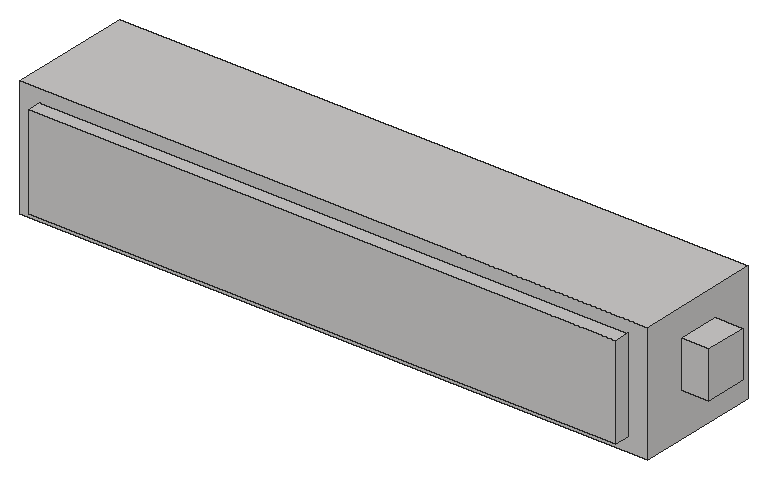
Revit family "Indoor_Unit-VRF-Adapter-JCI-EconoFresh_Kit", category Mechanical Equipment, Revit 2014
Parameters (values of type "55 1/2 x 10 x 12 3/16")
  Width = 55 1/2"
  Voltage = 208 V
  URL = "http://www.johnsoncontrols.com"
  Type Comments = "EconoFresh"
  Total Static Pressure = 0.00 in-wg
  Supply Air Flow [instance] = 0 CFM
  Supply Air Connection Width = 49 9/16"
  Supply Air Connection Height = 7 27/32"
  Sound Pressure Level = "0 db"
  Return Outdoor Air Flow [instance] = 0 CFM
  Return Indoor Air Flow [instance] = 0 CFM
  Return Air Outdoor Connection Width = 18 1/4"
  Return Air Indoor Connection Width = 27 3/8"
  Return Air Connection Height = 8 9/16"
  Refrigerant Used = "R410A"  # constant formula
  Product Page URL = "http://www.johnsoncontrols.com/content/us/en/products/building_efficiency/products-and-systems/integrated_hvac_systems/Industrial___Commercial_HVAC_Equipment/Variable_Refrigerant_Flow_Systems_.html"
  Product Documentation Link = "http://www.johnsoncontrols.com/~/media/jci/be/united-states/hvac-equipment/variable-refrigerant-flow/files/2016-york-vrf-catalog_050216-final-v5-digital-single-pgs.pdf"
  Power Factor = 1
  Pipe Right Offset Liquid = 3 5/8"
  Pipe Right Offset Gas = 2 1/4"
  Pipe Right Offset Drain = 3 17/32"
  Pipe Height Inset Liquid = 5 3/8"
  Pipe Height Inset Gas = 7 3/4"
  Pipe Height Inset Drain = 6 9/16"
  Pipe Front Inset Liquid = 3.40247"
  Pipe Front Inset Gas = 3.40247"
  Pipe Front Inset Drain = 9.78512"
  Phase = 1
  Nominal Heating Capacity = 0.0 Btu/h
  Nominal Cooling Capacity = 0.0 Btu/h
  Net Weight = 28.00 lbf
  Model = "EF-456NE"
  Minimum Circuit Ampacity = 0 A
  Manufacturer = "Johnson Controls Inc."  # constant formula
  Liquid Line Radius = 3/16"
  Height = 10"
  Heating Nominal Input Power = 0 W
  Gas Line Radius = 5/16"
  Full Load Current = 0 A
  Frequency = 60 Hz  # constant formula
  Frame Finish = Metal - JCI - Steel - Galvanized - 18ga
  Drain Pipe Radius = 5/8"
  Description = "VRF Adaptable EconoFresh Kit"  # constant formula
  Depth = 12 3/16"
  Copyright © = "2016 Johnson Controls Inc."  # constant formula
  Cooling Nominal Input Power = 0 W
  CTRL Frame Thickness Bottom = 1 29/256"
  Apparent Load = 0 VA
  Air Flow Rate = 0 CFM
Reference planes (in)
  plane 1 "Center (Front/Back)": y = 0
  plane 2: z = 0
  plane 3 "Center (Left/Right)": x = 0
  plane 4 "Back": y = 5.46875
  plane 5 "Front": y = -5.46875
  plane 6 "Left": x = -27.75
  plane 7 "Right": x = 27.75
  plane 8 "Bottom": z = 0
  plane 9 "Top": z = 10
  plane 10 "Electric Box Back": y = 1.54093
  plane 11 "Return Air Bottom": z = 0.6875
  plane 12 "Return Air Top": z = 9.25
  plane 13 "Supply Air Left": x = -24.78125
  plane 14 "Supply Air Right": x = 24.78125
  plane 15 "Supply Air Bottom": z = 1.11328
  plane 16 "Supply Air Top": z = 8.95703
  plane 17 "Return Air Left OD": x = -24.78125
  plane 18 "Return Air Right OD": x = -6.53125
  plane 19 "Electric Box Right": x = 28.90877
  plane 20 "Electric Box Front": y = -1.99893
  plane 21 "Back Inset": y = 5.08079
  plane 22 "Electric Box Top": z = 7.69527
  plane 23 "Electrical Box Bottom": z = 3.78906
  plane 24 "Economizer Back": y = 18.0401
  plane 25 "Front Offset": y = -6.71875
  plane 26 "Left Inset": x = -26.5
  plane 27 "Right Inset": x = 26.5
  plane 28 "Return Air Left ID": x = -2.59375
  plane 29 "Return Air Right ID": x = 24.78125
  plane 30 "Back Offset": y = 5.84375
Forms (in)
  Extrusion 1, solid, material "Metal - JCI - Steel - Galvanized - 18ga" <- "Frame Finish"
    sketch origin (0, 11.99045, -25.64456) x (1, 0, 0) y (0, 0, 1)
      loop
        line (-26.5, 35.64456) -> (-26.5, 25.64456) -> (26.5, 25.64456) -> (26.5, 35.64456) -> (-26.5, 35.64456)
    from 6.90966 to 17.4592
  Extrusion 2, solid, material "Metal - JCI - Steel - Galvanized - 18ga" <- "Frame Finish"
    sketch origin (0, 0, 5.375) x (-1, 0, 0) y (0, -1, 0)
      loop
        line (-26.5, -1.54093) -> (-26.5, 1.99893) -> (-28.90877, 1.99893) -> (-28.90877, -1.54093) -> (-26.5, -1.54093)
    from -1.58594 to 2.32027
  Extrusion 3, solid, material "Metal - JCI - Steel - Galvanized - 18ga" <- "Frame Finish"
    sketch origin (0, 11.99045, -42.64456) x (1, 0, 0) y (0, 0, 1)
      loop
        line (-24.78125, 51.60159) -> (-24.78125, 43.75784) -> (24.78125, 43.75784) -> (24.78125, 51.60159) -> (-24.78125, 51.60159)
    from 17.4592 to 18.7092
  Extrusion 4, solid, material "Metal - JCI - Steel - Galvanized - 18ga" <- "Frame Finish"
    sketch origin (0, -16.04521, -42.64456) x (1, 0, 0) y (0, 0, -1)
      loop
        line (-24.78125, -51.89456) -> (-6.53125, -51.89456) -> (-6.53125, -43.33206) -> (-24.78125, -43.33206) -> (-24.78125, -51.89456)
    from 21.12601 to 21.88896
  Extrusion 5, solid, material "Metal - JCI - Steel - Galvanized - 18ga" <- "Frame Finish"
    sketch origin (28.6773, -16.04521, -42.64456) x (1, 0, 0) y (0, 0, -1)
      loop
        line (-31.27105, -51.89456) -> (-3.89605, -51.89456) -> (-3.89605, -43.33206) -> (-31.27105, -43.33206) -> (-31.27105, -51.89456)
    from 21.12601 to 21.88896
Lines and regions (in)
  Masking region 1
    outline origin (0, 0, 5.375) x (-1, 0, 0) y (0, -1, 0)
      loop
        line (26.5, -5.08079) -> (26.5, 5.46875) -> (-26.5, 5.46875) -> (-26.5, -5.08079) -> (26.5, -5.08079)
  Split face 1
    outline origin (0, -5.46875, -25.64456) x (1, 0, 0) y (0, 0, 1)
      loop
        line (-24.78125, 34.60159) -> (-24.78125, 26.75784) -> (24.78125, 26.75784) -> (24.78125, 34.60159) -> (-24.78125, 34.60159)
  Split face 2
    outline origin (0, 5.08079, -25.64456) x (1, 0, 0) y (0, 0, 1)
      loop
        line (-6.53125, 34.89456) -> (-24.78125, 34.89456) -> (-24.78125, 26.33206) -> (-6.53125, 26.33206) -> (-6.53125, 34.89456)
  Masking region 2
    outline origin (8.5, -5.25, 5.375) x (-1, 0, 0) y (0, -1, 0)
      loop
        line (-18, -6.79093) -> (-18, -3.25107) -> (-20.40877, -3.25107) -> (-20.40877, -6.79093) -> (-18, -6.79093)
  Masking region 3
    outline origin (8, -27, 5.375) x (-1, 0, 0) y (0, -1, 0)
      loop
        line (32.78125, -21.53125) -> (32.78125, -20.28125) -> (-16.78125, -20.28125) -> (-16.78125, -21.53125) -> (32.78125, -21.53125)
  Masking region 4
    outline origin (8, 22.94524, 5.375) x (0, 1, 0) y (-1, 0, 0)
      loop
        line (-17.86445, 32.78125) -> (-17.86445, 10.25) -> (-17.10149, 10.25) -> (-17.10149, 32.78125) -> (-17.86445, 32.78125)
  Masking region 5
    outline origin (36.6773, 22.94524, 5.375) x (0, 1, 0) y (-1, 0, 0)
      loop
        line (-17.86445, 39.27105) -> (-17.86445, 11.89605) -> (-17.10149, 11.89605) -> (-17.10149, 39.27105) -> (-17.86445, 39.27105)
Dimensions and locks (in)
  "Width": plane 6 "Left" to plane 7 "Right"
  "Depth": plane 4 "Back" to plane 25 "Front Offset"
  "Height": plane 9 "Top" to plane 8 "Bottom"
  equal spacing: plane 5 "Front", plane 1 "Center (Front/Back)", plane 4 "Back"
  equal spacing: plane 6 "Left", plane 3 "Center (Left/Right)", plane 7 "Right"
  "CTRL Frame Thickness Bottom": plane 15 "Supply Air Bottom" to plane 8 "Bottom"
  plane 6 "Left" to plane 13 "Supply Air Left" = 2 31/32"
  "Supply Air Connection Height": plane 16 "Supply Air Top" to plane 15 "Supply Air Bottom"
  "Supply Air Connection Width": plane 13 "Supply Air Left" to plane 14 "Supply Air Right"
  plane 6 "Left" to plane 17 "Return Air Left OD" = 2 31/32"
  "Return Air Outdoor Connection Width": plane 18 "Return Air Right OD" to plane 17 "Return Air Left OD"
  locked: plane 11 "Return Air Bottom" to plane 8 "Bottom" at 0.6875
  "Return Air Connection Height": plane 12 "Return Air Top" to plane 11 "Return Air Bottom"
  locked: plane 7 "Right" to plane 19 "Electric Box Right" at 1.15877
  plane 20 "Electric Box Front" to plane 10 "Electric Box Back" = 3.53986"
  plane 4 "Back" to plane 10 "Electric Box Back" = 3.92782"
  locked: plane 4 "Back" to plane 21 "Back Inset" at 0.38796
  locked: plane 9 "Top" to plane 22 "Electric Box Top" at 2.30473
  locked: plane 23 "Electrical Box Bottom" to plane 8 "Bottom" at 3.78906
  locked: plane 24 "Economizer Back" to plane 4 "Back" at 12.57135
  locked: plane 25 "Front Offset" to plane 5 "Front" at 1.25
  plane 6 "Left" to plane 26 "Left Inset" = 1 1/4"
  locked: plane 27 "Right Inset" to plane 7 "Right" at 1.25
  "Return Air Indoor Connection Width": plane 29 "Return Air Right ID" to plane 28 "Return Air Left ID"
  locked: plane 18 "Return Air Right OD" to plane 28 "Return Air Left ID" at 3.9375
  locked: plane 30 "Back Offset" to plane 4 "Back" at 0.375
  aligned and locked: level to plane 2
  aligned and locked: Extrusion 1 sketch curve to plane 9 "Top"
  aligned and locked: plane 8 "Bottom" to Extrusion 1 sketch curve
  aligned and locked: plane 5 "Front" to Extrusion 1
  aligned and locked: Split face 1 sketch curve to plane 16 "Supply Air Top"
  aligned and locked: Split face 1 sketch curve to plane 14 "Supply Air Right"
  aligned and locked: plane 15 "Supply Air Bottom" to Split face 1 sketch curve
  aligned and locked: Split face 1 sketch curve to plane 13 "Supply Air Left"
  aligned and locked: plane 12 "Return Air Top" to Split face 2 sketch curve
  aligned and locked: plane 17 "Return Air Left OD" to Split face 2 sketch curve
  aligned and locked: Split face 2 sketch curve to plane 11 "Return Air Bottom"
  aligned and locked: plane 18 "Return Air Right OD" to Split face 2 sketch curve
  aligned and locked: plane 10 "Electric Box Back" to Extrusion 2 sketch curve
  aligned and locked: Extrusion 2 sketch curve to plane 20 "Electric Box Front"
  aligned and locked: plane 19 "Electric Box Right" to Extrusion 2 sketch curve
  aligned and locked: plane 10 "Electric Box Back" to Masking region 2 sketch curve
  aligned and locked: Masking region 2 sketch curve to plane 20 "Electric Box Front"
  aligned and locked: plane 19 "Electric Box Right" to Masking region 2 sketch curve
  aligned and locked: Masking region 1 sketch curve to plane 21 "Back Inset"
  aligned and locked: plane 21 "Back Inset" to Extrusion 1
  aligned and locked: plane 22 "Electric Box Top" to Extrusion 2
  aligned and locked: Extrusion 2 to plane 23 "Electrical Box Bottom"
  aligned and locked: Extrusion 3 sketch curve to plane 13 "Supply Air Left"
  aligned and locked: Extrusion 3 sketch curve to plane 16 "Supply Air Top"
  aligned and locked: Extrusion 3 sketch curve to plane 14 "Supply Air Right"
  aligned and locked: Extrusion 3 to plane 5 "Front"
  aligned and locked: plane 25 "Front Offset" to Extrusion 3
  aligned and locked: plane 5 "Front" to Masking region 3 sketch curve
  aligned and locked: Masking region 3 sketch curve to plane 13 "Supply Air Left"
  aligned and locked: Masking region 3 sketch curve to plane 25 "Front Offset"
  aligned and locked: Masking region 3 sketch curve to plane 14 "Supply Air Right"
  aligned and locked: Masking region 4 sketch curve to plane 21 "Back Inset"
  aligned and locked: Extrusion 4 to plane 21 "Back Inset"
  aligned and locked: plane 11 "Return Air Bottom" to Extrusion 4 sketch curve
  aligned and locked: Extrusion 4 sketch curve to plane 18 "Return Air Right OD"
  aligned and locked: Extrusion 4 sketch curve to plane 17 "Return Air Left OD"
  aligned and locked: Extrusion 4 sketch curve to plane 12 "Return Air Top"
  aligned and locked: plane 15 "Supply Air Bottom" to Extrusion 3 sketch curve
  aligned and locked: Masking region 1 sketch curve to plane 26 "Left Inset"
  aligned and locked: Masking region 1 sketch curve to plane 27 "Right Inset"
  aligned and locked: Extrusion 1 sketch curve to plane 26 "Left Inset"
  aligned and locked: Extrusion 1 sketch curve to plane 27 "Right Inset"
  aligned and locked: plane 27 "Right Inset" to Masking region 2 sketch curve
  aligned and locked: plane 27 "Right Inset" to Extrusion 2 sketch curve
  aligned and locked: Extrusion 5 sketch curve to plane 29 "Return Air Right ID"
  aligned and locked: Extrusion 5 sketch curve to plane 28 "Return Air Left ID"
  aligned and locked: plane 28 "Return Air Left ID" to Masking region 5 sketch curve
  aligned and locked: plane 29 "Return Air Right ID" to Masking region 5 sketch curve
  aligned and locked: Extrusion 5 sketch curve to plane 12 "Return Air Top"
  aligned and locked: plane 11 "Return Air Bottom" to Extrusion 5 sketch curve
  aligned and locked: Extrusion 5 to plane 21 "Back Inset"
  aligned and locked: Masking region 5 sketch curve to plane 21 "Back Inset"
  aligned and locked: plane 17 "Return Air Left OD" to Masking region 4 sketch curve
  aligned and locked: plane 30 "Back Offset" to Masking region 4 sketch curve
  aligned and locked: plane 30 "Back Offset" to Extrusion 4
  aligned and locked: plane 30 "Back Offset" to Masking region 5 sketch curve
  aligned and locked: plane 30 "Back Offset" to Extrusion 5
Automatic sketch dimensions
  plane 5 "Front" to Masking region 1 sketch curve = 0"
  plane 18 "Return Air Right OD" to Masking region 4 sketch curve = 4 9/32"
Connectors (in)
  hvac at (0, -5.46875, 5.03516), driven by "Supply Air Connection Height", driven by "Supply Air Connection Width", driven by "Supply Air Flow"
    settings: on Extrusion 1, index 5, duct flow 0 CFM, flow factor 0, pres drop 0.00 in-wg, loss coef 0, conn angle 0.00°, conn width 49 9/16", conn height 7 27/32", conn diameter 24", duct sys type 1, conn prof type 1, flow config 0, flow direction 2, loss method 0, conn ref index -1, conn util no, is conn primary yes, conn desc "Supply Air Connection"
  electrical at (28.90877, -0.229, 5.74217), driven by "Voltage", driven by "Apparent Load", driven by "Power Factor"
    settings: on Extrusion 2, index 7, voltage 208 V, apparent load 0 VA, apparent load phase1 0 VA, apparent load phase2 0 VA, apparent load phase3 0 VA, power factor 1, load classification "HVAC", number of poles 1, system type 30, power factor state 1, is connector primary yes, connector utility no, sub classification motor no, connector description "Power Supply"
  hvac at (11.09375, 5.84375, 4.96875), driven by "Return Air Connection Height", driven by "Return Air Indoor Connection Width", driven by "Return Indoor Air Flow"
    settings: on Extrusion 5, index 8, duct flow 0 CFM, flow factor 0, pres drop 0.00 in-wg, loss coef 0, conn angle 0.00°, conn width 27 3/8", conn height 8 9/16", conn diameter 24", duct sys type 2, conn prof type 1, flow config 0, flow direction 1, loss method 0, conn ref index -1, conn util no, is conn primary no, conn desc "Indoor Return Air Connection"
  hvac at (-15.65625, 5.84375, 4.96875), driven by "Return Air Connection Height", driven by "Return Air Outdoor Connection Width", driven by "Return Outdoor Air Flow"
    settings: on Extrusion 4, index 9, duct flow 0 CFM, flow factor 0, pres drop 0.00 in-wg, loss coef 0, conn angle 0.00°, conn width 18 1/4", conn height 8 9/16", conn diameter 24", duct sys type 2, conn prof type 1, flow config 0, flow direction 1, loss method 0, conn ref index -1, conn util no, is conn primary no, conn desc "Outdoor Return Air Connection"
